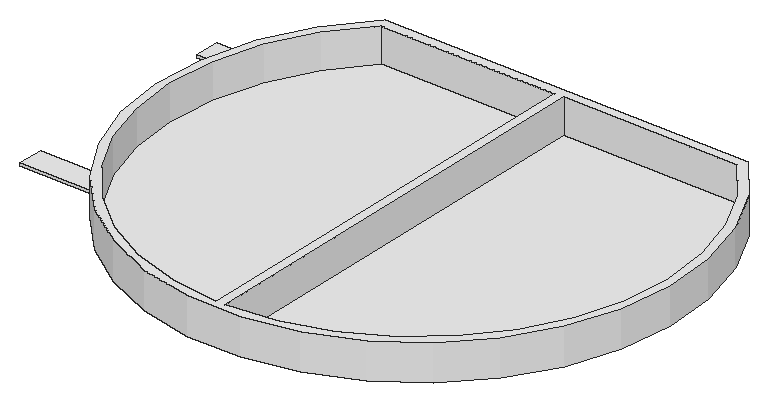
Revit family "Gate-Precision_Ladders-Security_Gate_For_Cage", category Specialty Equipment, host Face, Revit 2014
Parameters (values of type "Security Gate For Cage")
  URL = "http://www.precisionladders.com/"
  Product Page URL = "http://www.precisionladders.com/products/miscellaneous-products/"
  Product Name = "Security Gate For Cage"  # constant formula
  Product Documentation Link = "http://www.precisionladders.com/assets/pladders/files/resources/Miscellaneous/f~Security%20Gate/sg-01.pdf"
  Model = "SG-01"  # constant formula
  Material = ""
  Manufacturer = "Precision Ladders, LLC"  # constant formula
  Finish = Metal - Precision Ladders LLC - Aluminium
  Description = "Security Gate For Cage"  # constant formula
  Default Elevation = 4' - 0"
Reference planes (in)
  plane 1 "Center (Front/Back)": y = 0
  plane 2: z = 0
  plane 3 "Center (Left/Right)": x = 0
  plane 4: x = 15.375
  plane 5: x = -15.375
  plane 6: y = 12.5
  plane 7: y = -12.5
  plane 8: z = 2.125
  plane 9: z = -0.125
  plane 10: z = 0.125
Forms (in)
  Extrusion 1, solid, material "Metal - Precision Ladders LLC - Aluminium" <- "Finish"
    sketch origin (0, 0, 0) x (1, 0, 0) y (0, 1, 0)
      loop
        arc (-10.5, 12.5) -> (-13.60566, -3.3738) -> (-0.25, -12.49787) r 14.705
        line (-0.25, -12.49787) -> (-0.25, 12.5) -> (-10.5, 12.5)
      loop
        line (0.25, 12.5) -> (0.25, -12.49787)
        arc (0.25, -12.49787) -> (13.60566, -3.3738) -> (10.5, 12.5) r 14.705
        line (10.5, 12.5) -> (0.25, 12.5)
    from 0 to 0.125
  Extrusion 2, solid, material "Metal - Precision Ladders LLC - Aluminium" <- "Finish"
    sketch origin (0, 0, 0) x (1, 0, 0) y (0, 1, 0)
      loop
        arc (-10.5, 12.5) -> (-13.60566, -3.3738) -> (-0.25, -12.49787) r 14.705
        line (-0.25, -12.49787) -> (-0.25, 12.5) -> (-10.5, 12.5)
      loop
        arc (-10.70794, 13) -> (0, -13) -> (10.70794, 13) r 15.205
        line (10.70794, 13) -> (-10.70794, 13)
      loop
        line (0.25, 12.5) -> (0.25, -12.49787)
        arc (0.25, -12.49787) -> (13.60566, -3.3738) -> (10.5, 12.5) r 14.705
        line (10.5, 12.5) -> (0.25, 12.5)
    from 0 to 2.125
  Extrusion 3, solid, material "Metal - Precision Ladders LLC - Aluminium" <- "Finish"
    sketch origin (0, 0, 0) x (1, 0, 0) y (0, 1, 0)
      loop
        line (0, 9.45312) -> (-17.75, 9.45312) -> (-17.75, 7.95312) -> (0, 7.95312) -> (0, 9.45312)
      loop
        line (0, -3.54688) -> (-17.75, -3.54688) -> (-17.75, -5.04688) -> (0, -5.04688) -> (0, -3.54688)
      loop
        line (0, -1) -> (14.35148, -1)
        arc (14.35148, -1) -> (14.49806, -0.25329) -> (14.60582, 0.5) r 14.705
        line (14.60582, 0.5) -> (0, 0.5) -> (0, -1)
    from 0 to -0.125
Lines and regions (in)
  Masking region 1
    outline origin (0, 0, 0) x (1, 0, 0) y (0, 1, 0)
      loop
        line (10.70794, 13) -> (-10.70794, 13)
        arc (-10.70794, 13) -> (0, -13) -> (10.70794, 13) r 15.205
      loop
        line (-0.25, 12.5) -> (-10.5, 12.5)
        arc (-10.5, 12.5) -> (-13.60566, -3.3738) -> (-0.25, -12.49787) r 14.705
        line (-0.25, -12.49787) -> (-0.25, 12.5)
      loop
        arc (0.25, -12.49787) -> (13.60566, -3.3738) -> (10.5, 12.5) r 14.705
        line (10.5, 12.5) -> (0.25, 12.5) -> (0.25, -12.49787)
  Masking region 2
    outline origin (0, 0, 0) x (1, 0, 0) y (0, 1, 0)
      loop
        line (-17.75, 9.45312) -> (-17.75, 7.95312) -> (0, 7.95312) -> (0, 9.45312) -> (-17.75, 9.45312)
      loop
        line (0, -3.54688) -> (-17.75, -3.54688) -> (-17.75, -5.04688) -> (0, -5.04688) -> (0, -3.54688)
      loop
        line (0, 0.5) -> (0, -1) -> (14.35148, -1)
        arc (14.35148, -1) -> (14.49806, -0.25329) -> (14.60582, 0.5) r 14.705
        line (14.60582, 0.5) -> (0, 0.5)
  Masking region 3
    outline origin (0, 0, 0) x (1, 0, 0) y (0, 1, 0)
      loop
        line (-0.25, -12.49787) -> (-0.25, 12.5) -> (-10.5, 12.5)
        arc (-10.5, 12.5) -> (-13.60566, -3.3738) -> (-0.25, -12.49787) r 14.705
  Masking region 4
    outline origin (0, 0, 0) x (1, 0, 0) y (0, 1, 0)
      loop
        line (0.25, 12.5) -> (0.25, -12.49787)
        arc (0.25, -12.49787) -> (13.60566, -3.3738) -> (10.5, 12.5) r 14.705
        line (10.5, 12.5) -> (0.25, 12.5)
  model lines
    curve 1: circle (-10.25, 11.5, 0) r 0.25 normal (0, 0, -1)
    curve 2: circle (-9.25, 11.5, 0) r 0.25 normal (0, 0, -1)
    curve 3: circle (-8.25, 11.5, 0) r 0.25 normal (0, 0, -1)
    curve 4: circle (-7.25, 11.5, 0) r 0.25 normal (0, 0, -1)
    curve 5: circle (-6.25, 11.5, 0) r 0.25 normal (0, 0, -1)
    curve 6: circle (-5.25, 11.5, 0) r 0.25 normal (0, 0, -1)
    curve 7: circle (-4.25, 11.5, 0) r 0.25 normal (0, 0, -1)
    curve 8: circle (-3.25, 11.5, 0) r 0.25 normal (0, 0, -1)
    curve 9: circle (-2.25, 11.5, 0) r 0.25 normal (0, 0, -1)
    curve 10: circle (-1.25, 11.5, 0) r 0.25 normal (0, 0, -1)
    curve 11: circle (-10.25, 10.5, 0) r 0.25 normal (0, 0, -1)
    curve 12: circle (-9.25, 10.5, 0) r 0.25 normal (0, 0, -1)
    curve 13: circle (-8.25, 10.5, 0) r 0.25 normal (0, 0, -1)
    curve 14: circle (-7.25, 10.5, 0) r 0.25 normal (0, 0, -1)
    curve 15: circle (-6.25, 10.5, 0) r 0.25 normal (0, 0, -1)
    curve 16: circle (-5.25, 10.5, 0) r 0.25 normal (0, 0, -1)
    curve 17: circle (-4.25, 10.5, 0) r 0.25 normal (0, 0, -1)
    curve 18: circle (-3.25, 10.5, 0) r 0.25 normal (0, 0, -1)
    curve 19: circle (-2.25, 10.5, 0) r 0.25 normal (0, 0, -1)
    curve 20: circle (-1.25, 10.5, 0) r 0.25 normal (0, 0, -1)
    curve 21: circle (-10.25, 9.5, 0) r 0.25 normal (0, 0, -1)
    curve 22: circle (-9.25, 9.5, 0) r 0.25 normal (0, 0, -1)
    curve 23: circle (-8.25, 9.5, 0) r 0.25 normal (0, 0, -1)
    curve 24: circle (-7.25, 9.5, 0) r 0.25 normal (0, 0, -1)
    curve 25: circle (-6.25, 9.5, 0) r 0.25 normal (0, 0, -1)
    curve 26: circle (-5.25, 9.5, 0) r 0.25 normal (0, 0, -1)
    curve 27: circle (-4.25, 9.5, 0) r 0.25 normal (0, 0, -1)
    curve 28: circle (-3.25, 9.5, 0) r 0.25 normal (0, 0, -1)
    curve 29: circle (-2.25, 9.5, 0) r 0.25 normal (0, 0, -1)
    curve 30: circle (-1.25, 9.5, 0) r 0.25 normal (0, 0, -1)
    curve 31: circle (-10.25, 8.5, 0) r 0.25 normal (0, 0, -1)
    curve 32: circle (-9.25, 8.5, 0) r 0.25 normal (0, 0, -1)
    curve 33: circle (-8.25, 8.5, 0) r 0.25 normal (0, 0, -1)
    curve 34: circle (-7.25, 8.5, 0) r 0.25 normal (0, 0, -1)
    curve 35: circle (-6.25, 8.5, 0) r 0.25 normal (0, 0, -1)
    curve 36: circle (-5.25, 8.5, 0) r 0.25 normal (0, 0, -1)
    curve 37: circle (-4.25, 8.5, 0) r 0.25 normal (0, 0, -1)
    curve 38: circle (-3.25, 8.5, 0) r 0.25 normal (0, 0, -1)
    curve 39: circle (-2.25, 8.5, 0) r 0.25 normal (0, 0, -1)
    curve 40: circle (-1.25, 8.5, 0) r 0.25 normal (0, 0, -1)
    curve 41: circle (-10.25, 7.5, 0) r 0.25 normal (0, 0, -1)
    curve 42: circle (-9.25, 7.5, 0) r 0.25 normal (0, 0, -1)
    curve 43: circle (-8.25, 7.5, 0) r 0.25 normal (0, 0, -1)
    curve 44: circle (-7.25, 7.5, 0) r 0.25 normal (0, 0, -1)
    curve 45: circle (-6.25, 7.5, 0) r 0.25 normal (0, 0, -1)
    curve 46: circle (-5.25, 7.5, 0) r 0.25 normal (0, 0, -1)
    curve 47: circle (-4.25, 7.5, 0) r 0.25 normal (0, 0, -1)
    curve 48: circle (-3.25, 7.5, 0) r 0.25 normal (0, 0, -1)
    curve 49: circle (-2.25, 7.5, 0) r 0.25 normal (0, 0, -1)
    curve 50: circle (-1.25, 7.5, 0) r 0.25 normal (0, 0, -1)
    curve 51: circle (-10.25, 6.5, 0) r 0.25 normal (0, 0, -1)
    curve 52: circle (-9.25, 6.5, 0) r 0.25 normal (0, 0, -1)
    curve 53: circle (-8.25, 6.5, 0) r 0.25 normal (0, 0, -1)
    curve 54: circle (-7.25, 6.5, 0) r 0.25 normal (0, 0, -1)
    curve 55: circle (-6.25, 6.5, 0) r 0.25 normal (0, 0, -1)
    curve 56: circle (-5.25, 6.5, 0) r 0.25 normal (0, 0, -1)
    curve 57: circle (-4.25, 6.5, 0) r 0.25 normal (0, 0, -1)
    curve 58: circle (-3.25, 6.5, 0) r 0.25 normal (0, 0, -1)
    curve 59: circle (-2.25, 6.5, 0) r 0.25 normal (0, 0, -1)
    curve 60: circle (-1.25, 6.5, 0) r 0.25 normal (0, 0, -1)
    curve 61: circle (-10.25, 5.5, 0) r 0.25 normal (0, 0, -1)
    curve 62: circle (-9.25, 5.5, 0) r 0.25 normal (0, 0, -1)
    curve 63: circle (-8.25, 5.5, 0) r 0.25 normal (0, 0, -1)
    curve 64: circle (-7.25, 5.5, 0) r 0.25 normal (0, 0, -1)
    curve 65: circle (-6.25, 5.5, 0) r 0.25 normal (0, 0, -1)
    curve 66: circle (-5.25, 5.5, 0) r 0.25 normal (0, 0, -1)
    curve 67: circle (-4.25, 5.5, 0) r 0.25 normal (0, 0, -1)
    curve 68: circle (-3.25, 5.5, 0) r 0.25 normal (0, 0, -1)
    curve 69: circle (-2.25, 5.5, 0) r 0.25 normal (0, 0, -1)
    curve 70: circle (-1.25, 5.5, 0) r 0.25 normal (0, 0, -1)
    curve 71: circle (-10.25, 4.5, 0) r 0.25 normal (0, 0, -1)
    curve 72: circle (-9.25, 4.5, 0) r 0.25 normal (0, 0, -1)
    curve 73: circle (-8.25, 4.5, 0) r 0.25 normal (0, 0, -1)
    curve 74: circle (-7.25, 4.5, 0) r 0.25 normal (0, 0, -1)
    curve 75: circle (-6.25, 4.5, 0) r 0.25 normal (0, 0, -1)
    curve 76: circle (-5.25, 4.5, 0) r 0.25 normal (0, 0, -1)
    curve 77: circle (-4.25, 4.5, 0) r 0.25 normal (0, 0, -1)
    curve 78: circle (-3.25, 4.5, 0) r 0.25 normal (0, 0, -1)
    curve 79: circle (-2.25, 4.5, 0) r 0.25 normal (0, 0, -1)
    curve 80: circle (-1.25, 4.5, 0) r 0.25 normal (0, 0, -1)
    curve 81: circle (-10.25, 3.5, 0) r 0.25 normal (0, 0, -1)
    curve 82: circle (-9.25, 3.5, 0) r 0.25 normal (0, 0, -1)
    curve 83: circle (-8.25, 3.5, 0) r 0.25 normal (0, 0, -1)
    curve 84: circle (-7.25, 3.5, 0) r 0.25 normal (0, 0, -1)
    curve 85: circle (-6.25, 3.5, 0) r 0.25 normal (0, 0, -1)
    curve 86: circle (-5.25, 3.5, 0) r 0.25 normal (0, 0, -1)
    curve 87: circle (-4.25, 3.5, 0) r 0.25 normal (0, 0, -1)
    curve 88: circle (-3.25, 3.5, 0) r 0.25 normal (0, 0, -1)
    curve 89: circle (-2.25, 3.5, 0) r 0.25 normal (0, 0, -1)
    curve 90: circle (-1.25, 3.5, 0) r 0.25 normal (0, 0, -1)
    curve 91: circle (-10.25, 2.5, 0) r 0.25 normal (0, 0, -1)
    curve 92: circle (-9.25, 2.5, 0) r 0.25 normal (0, 0, -1)
    curve 93: circle (-8.25, 2.5, 0) r 0.25 normal (0, 0, -1)
    curve 94: circle (-7.25, 2.5, 0) r 0.25 normal (0, 0, -1)
    curve 95: circle (-6.25, 2.5, 0) r 0.25 normal (0, 0, -1)
    curve 96: circle (-5.25, 2.5, 0) r 0.25 normal (0, 0, -1)
    curve 97: circle (-4.25, 2.5, 0) r 0.25 normal (0, 0, -1)
    curve 98: circle (-3.25, 2.5, 0) r 0.25 normal (0, 0, -1)
    curve 99: circle (-2.25, 2.5, 0) r 0.25 normal (0, 0, -1)
    curve 100: circle (-1.25, 2.5, 0) r 0.25 normal (0, 0, -1)
    curve 101: circle (-10.25, 1.5, 0) r 0.25 normal (0, 0, -1)
    curve 102: circle (-9.25, 1.5, 0) r 0.25 normal (0, 0, -1)
    curve 103: circle (-8.25, 1.5, 0) r 0.25 normal (0, 0, -1)
    curve 104: circle (-7.25, 1.5, 0) r 0.25 normal (0, 0, -1)
    curve 105: circle (-6.25, 1.5, 0) r 0.25 normal (0, 0, -1)
    curve 106: circle (-5.25, 1.5, 0) r 0.25 normal (0, 0, -1)
    curve 107: circle (-4.25, 1.5, 0) r 0.25 normal (0, 0, -1)
    curve 108: circle (-3.25, 1.5, 0) r 0.25 normal (0, 0, -1)
    curve 109: circle (-2.25, 1.5, 0) r 0.25 normal (0, 0, -1)
    curve 110: circle (-1.25, 1.5, 0) r 0.25 normal (0, 0, -1)
    curve 111: circle (-10.25, 0.5, 0) r 0.25 normal (0, 0, -1)
    curve 112: circle (-9.25, 0.5, 0) r 0.25 normal (0, 0, -1)
    curve 113: circle (-8.25, 0.5, 0) r 0.25 normal (0, 0, -1)
    curve 114: circle (-7.25, 0.5, 0) r 0.25 normal (0, 0, -1)
    curve 115: circle (-6.25, 0.5, 0) r 0.25 normal (0, 0, -1)
    curve 116: circle (-5.25, 0.5, 0) r 0.25 normal (0, 0, -1)
    curve 117: circle (-4.25, 0.5, 0) r 0.25 normal (0, 0, -1)
    curve 118: circle (-3.25, 0.5, 0) r 0.25 normal (0, 0, -1)
    curve 119: circle (-2.25, 0.5, 0) r 0.25 normal (0, 0, -1)
    curve 120: circle (-1.25, 0.5, 0) r 0.25 normal (0, 0, -1)
    curve 121: circle (-10.25, -0.5, 0) r 0.25 normal (0, 0, -1)
    curve 122: circle (-9.25, -0.5, 0) r 0.25 normal (0, 0, -1)
    curve 123: circle (-8.25, -0.5, 0) r 0.25 normal (0, 0, -1)
    curve 124: circle (-7.25, -0.5, 0) r 0.25 normal (0, 0, -1)
    curve 125: circle (-6.25, -0.5, 0) r 0.25 normal (0, 0, -1)
    curve 126: circle (-5.25, -0.5, 0) r 0.25 normal (0, 0, -1)
    curve 127: circle (-4.25, -0.5, 0) r 0.25 normal (0, 0, -1)
    curve 128: circle (-3.25, -0.5, 0) r 0.25 normal (0, 0, -1)
    curve 129: circle (-2.25, -0.5, 0) r 0.25 normal (0, 0, -1)
    curve 130: circle (-1.25, -0.5, 0) r 0.25 normal (0, 0, -1)
    curve 131: circle (-10.25, -1.5, 0) r 0.25 normal (0, 0, -1)
    curve 132: circle (-9.25, -1.5, 0) r 0.25 normal (0, 0, -1)
    curve 133: circle (-8.25, -1.5, 0) r 0.25 normal (0, 0, -1)
    curve 134: circle (-7.25, -1.5, 0) r 0.25 normal (0, 0, -1)
    curve 135: circle (-6.25, -1.5, 0) r 0.25 normal (0, 0, -1)
    curve 136: circle (-5.25, -1.5, 0) r 0.25 normal (0, 0, -1)
    curve 137: circle (-4.25, -1.5, 0) r 0.25 normal (0, 0, -1)
    curve 138: circle (-3.25, -1.5, 0) r 0.25 normal (0, 0, -1)
    curve 139: circle (-2.25, -1.5, 0) r 0.25 normal (0, 0, -1)
    curve 140: circle (-1.25, -1.5, 0) r 0.25 normal (0, 0, -1)
    curve 141: circle (-10.25, -2.5, 0) r 0.25 normal (0, 0, -1)
    curve 142: circle (-9.25, -2.5, 0) r 0.25 normal (0, 0, -1)
    curve 143: circle (-8.25, -2.5, 0) r 0.25 normal (0, 0, -1)
    curve 144: circle (-7.25, -2.5, 0) r 0.25 normal (0, 0, -1)
    curve 145: circle (-6.25, -2.5, 0) r 0.25 normal (0, 0, -1)
    curve 146: circle (-5.25, -2.5, 0) r 0.25 normal (0, 0, -1)
    curve 147: circle (-4.25, -2.5, 0) r 0.25 normal (0, 0, -1)
    curve 148: circle (-3.25, -2.5, 0) r 0.25 normal (0, 0, -1)
    curve 149: circle (-2.25, -2.5, 0) r 0.25 normal (0, 0, -1)
    curve 150: circle (-1.25, -2.5, 0) r 0.25 normal (0, 0, -1)
    curve 151: circle (-10.25, -3.5, 0) r 0.25 normal (0, 0, -1)
    curve 152: circle (-9.25, -3.5, 0) r 0.25 normal (0, 0, -1)
    curve 153: circle (-8.25, -3.5, 0) r 0.25 normal (0, 0, -1)
    curve 154: circle (-7.25, -3.5, 0) r 0.25 normal (0, 0, -1)
    curve 155: circle (-6.25, -3.5, 0) r 0.25 normal (0, 0, -1)
    curve 156: circle (-5.25, -3.5, 0) r 0.25 normal (0, 0, -1)
    curve 157: circle (-4.25, -3.5, 0) r 0.25 normal (0, 0, -1)
    curve 158: circle (-3.25, -3.5, 0) r 0.25 normal (0, 0, -1)
    curve 159: circle (-2.25, -3.5, 0) r 0.25 normal (0, 0, -1)
    curve 160: circle (-1.25, -3.5, 0) r 0.25 normal (0, 0, -1)
    curve 161: circle (-10.25, -4.5, 0) r 0.25 normal (0, 0, -1)
    curve 162: circle (-9.25, -4.5, 0) r 0.25 normal (0, 0, -1)
    curve 163: circle (-8.25, -4.5, 0) r 0.25 normal (0, 0, -1)
    curve 164: circle (-7.25, -4.5, 0) r 0.25 normal (0, 0, -1)
    curve 165: circle (-6.25, -4.5, 0) r 0.25 normal (0, 0, -1)
    curve 166: circle (-5.25, -4.5, 0) r 0.25 normal (0, 0, -1)
    curve 167: circle (-4.25, -4.5, 0) r 0.25 normal (0, 0, -1)
    curve 168: circle (-3.25, -4.5, 0) r 0.25 normal (0, 0, -1)
    curve 169: circle (-2.25, -4.5, 0) r 0.25 normal (0, 0, -1)
    curve 170: circle (-1.25, -4.5, 0) r 0.25 normal (0, 0, -1)
    curve 171: circle (-10.25, -5.5, 0) r 0.25 normal (0, 0, -1)
    curve 172: circle (-9.25, -5.5, 0) r 0.25 normal (0, 0, -1)
    curve 173: circle (-8.25, -5.5, 0) r 0.25 normal (0, 0, -1)
    curve 174: circle (-7.25, -5.5, 0) r 0.25 normal (0, 0, -1)
    curve 175: circle (-6.25, -5.5, 0) r 0.25 normal (0, 0, -1)
    curve 176: circle (-5.25, -5.5, 0) r 0.25 normal (0, 0, -1)
    curve 177: circle (-4.25, -5.5, 0) r 0.25 normal (0, 0, -1)
    curve 178: circle (-3.25, -5.5, 0) r 0.25 normal (0, 0, -1)
    curve 179: circle (-2.25, -5.5, 0) r 0.25 normal (0, 0, -1)
    curve 180: circle (-1.25, -5.5, 0) r 0.25 normal (0, 0, -1)
    curve 181: circle (-10.25, -6.5, 0) r 0.25 normal (0, 0, -1)
    curve 182: circle (-9.25, -6.5, 0) r 0.25 normal (0, 0, -1)
    curve 183: circle (-8.25, -6.5, 0) r 0.25 normal (0, 0, -1)
    curve 184: circle (-7.25, -6.5, 0) r 0.25 normal (0, 0, -1)
    curve 185: circle (-6.25, -6.5, 0) r 0.25 normal (0, 0, -1)
    curve 186: circle (-5.25, -6.5, 0) r 0.25 normal (0, 0, -1)
    curve 187: circle (-4.25, -6.5, 0) r 0.25 normal (0, 0, -1)
    curve 188: circle (-3.25, -6.5, 0) r 0.25 normal (0, 0, -1)
    curve 189: circle (-2.25, -6.5, 0) r 0.25 normal (0, 0, -1)
    curve 190: circle (-1.25, -6.5, 0) r 0.25 normal (0, 0, -1)
    curve 191: circle (-10.25, -7.5, 0) r 0.25 normal (0, 0, -1)
    curve 192: circle (-9.25, -7.5, 0) r 0.25 normal (0, 0, -1)
    curve 193: circle (-8.25, -7.5, 0) r 0.25 normal (0, 0, -1)
    curve 194: circle (-7.25, -7.5, 0) r 0.25 normal (0, 0, -1)
    curve 195: circle (-6.25, -7.5, 0) r 0.25 normal (0, 0, -1)
    curve 196: circle (-5.25, -7.5, 0) r 0.25 normal (0, 0, -1)
    curve 197: circle (-4.25, -7.5, 0) r 0.25 normal (0, 0, -1)
    curve 198: circle (-3.25, -7.5, 0) r 0.25 normal (0, 0, -1)
    curve 199: circle (-2.25, -7.5, 0) r 0.25 normal (0, 0, -1)
    curve 200: circle (-1.25, -7.5, 0) r 0.25 normal (0, 0, -1)
    curve 201: circle (-9.25, -8.5, 0) r 0.25 normal (0, 0, -1)
    curve 202: circle (-8.25, -8.5, 0) r 0.25 normal (0, 0, -1)
    curve 203: circle (-7.25, -8.5, 0) r 0.25 normal (0, 0, -1)
    curve 204: circle (-6.25, -8.5, 0) r 0.25 normal (0, 0, -1)
    curve 205: circle (-5.25, -8.5, 0) r 0.25 normal (0, 0, -1)
    curve 206: circle (-4.25, -8.5, 0) r 0.25 normal (0, 0, -1)
    curve 207: circle (-3.25, -8.5, 0) r 0.25 normal (0, 0, -1)
    curve 208: circle (-2.25, -8.5, 0) r 0.25 normal (0, 0, -1)
    curve 209: circle (-1.25, -8.5, 0) r 0.25 normal (0, 0, -1)
    curve 210: circle (-7.25, -9.5, 0) r 0.25 normal (0, 0, -1)
    curve 211: circle (-6.25, -9.5, 0) r 0.25 normal (0, 0, -1)
    curve 212: circle (-5.25, -9.5, 0) r 0.25 normal (0, 0, -1)
    curve 213: circle (-4.25, -9.5, 0) r 0.25 normal (0, 0, -1)
    curve 214: circle (-3.25, -9.5, 0) r 0.25 normal (0, 0, -1)
    curve 215: circle (-2.25, -9.5, 0) r 0.25 normal (0, 0, -1)
    curve 216: circle (-1.25, -9.5, 0) r 0.25 normal (0, 0, -1)
    curve 217: circle (-6.25, -10.5, 0) r 0.25 normal (0, 0, -1)
    curve 218: circle (-5.25, -10.5, 0) r 0.25 normal (0, 0, -1)
    curve 219: circle (-4.25, -10.5, 0) r 0.25 normal (0, 0, -1)
    curve 220: circle (-3.25, -10.5, 0) r 0.25 normal (0, 0, -1)
    curve 221: circle (-2.25, -10.5, 0) r 0.25 normal (0, 0, -1)
    curve 222: circle (-1.25, -10.5, 0) r 0.25 normal (0, 0, -1)
    curve 223: circle (-4.25, -11.5, 0) r 0.25 normal (0, 0, -1)
    curve 224: circle (-3.25, -11.5, 0) r 0.25 normal (0, 0, -1)
    curve 225: circle (-2.25, -11.5, 0) r 0.25 normal (0, 0, -1)
    curve 226: circle (-1.25, -11.5, 0) r 0.25 normal (0, 0, -1)
    curve 227: circle (-11.25, 10.5, 0) r 0.25 normal (0, 0, -1)
    curve 228: circle (-12.25, 9.5, 0) r 0.25 normal (0, 0, -1)
    curve 229: circle (-11.25, 9.5, 0) r 0.25 normal (0, 0, -1)
    curve 230: circle (-12.25, 8.5, 0) r 0.25 normal (0, 0, -1)
    curve 231: circle (-11.25, 8.5, 0) r 0.25 normal (0, 0, -1)
    curve 232: circle (-13.25, 7.5, 0) r 0.25 normal (0, 0, -1)
    curve 233: circle (-12.25, 7.5, 0) r 0.25 normal (0, 0, -1)
    curve 234: circle (-11.25, 7.5, 0) r 0.25 normal (0, 0, -1)
    curve 235: circle (-13.25, 6.5, 0) r 0.25 normal (0, 0, -1)
    curve 236: circle (-12.25, 6.5, 0) r 0.25 normal (0, 0, -1)
    curve 237: circle (-11.25, 6.5, 0) r 0.25 normal (0, 0, -1)
    curve 238: circle (-13.25, 5.5, 0) r 0.25 normal (0, 0, -1)
    curve 239: circle (-12.25, 5.5, 0) r 0.25 normal (0, 0, -1)
    curve 240: circle (-11.25, 5.5, 0) r 0.25 normal (0, 0, -1)
    curve 241: circle (-13.25, 4.5, 0) r 0.25 normal (0, 0, -1)
    curve 242: circle (-12.25, 4.5, 0) r 0.25 normal (0, 0, -1)
    curve 243: circle (-11.25, 4.5, 0) r 0.25 normal (0, 0, -1)
    curve 244: circle (-13.25, 3.5, 0) r 0.25 normal (0, 0, -1)
    curve 245: circle (-12.25, 3.5, 0) r 0.25 normal (0, 0, -1)
    curve 246: circle (-11.25, 3.5, 0) r 0.25 normal (0, 0, -1)
    curve 247: circle (-13.25, 2.5, 0) r 0.25 normal (0, 0, -1)
    curve 248: circle (-12.25, 2.5, 0) r 0.25 normal (0, 0, -1)
    curve 249: circle (-11.25, 2.5, 0) r 0.25 normal (0, 0, -1)
    curve 250: circle (-13.25, 1.5, 0) r 0.25 normal (0, 0, -1)
    curve 251: circle (-12.25, 1.5, 0) r 0.25 normal (0, 0, -1)
    curve 252: circle (-11.25, 1.5, 0) r 0.25 normal (0, 0, -1)
    curve 253: circle (-13.25, 0.5, 0) r 0.25 normal (0, 0, -1)
    curve 254: circle (-12.25, 0.5, 0) r 0.25 normal (0, 0, -1)
    curve 255: circle (-11.25, 0.5, 0) r 0.25 normal (0, 0, -1)
    curve 256: circle (-13.25, -0.5, 0) r 0.25 normal (0, 0, -1)
    curve 257: circle (-12.25, -0.5, 0) r 0.25 normal (0, 0, -1)
    curve 258: circle (-11.25, -0.5, 0) r 0.25 normal (0, 0, -1)
    curve 259: circle (-13.25, -1.5, 0) r 0.25 normal (0, 0, -1)
    curve 260: circle (-12.25, -1.5, 0) r 0.25 normal (0, 0, -1)
    curve 261: circle (-11.25, -1.5, 0) r 0.25 normal (0, 0, -1)
    curve 262: circle (-13.25, -2.5, 0) r 0.25 normal (0, 0, -1)
    curve 263: circle (-12.25, -2.5, 0) r 0.25 normal (0, 0, -1)
    curve 264: circle (-11.25, -2.5, 0) r 0.25 normal (0, 0, -1)
    curve 265: circle (-12.25, -3.5, 0) r 0.25 normal (0, 0, -1)
    curve 266: circle (-11.25, -3.5, 0) r 0.25 normal (0, 0, -1)
    curve 267: circle (-12.25, -4.5, 0) r 0.25 normal (0, 0, -1)
    curve 268: circle (-11.25, -4.5, 0) r 0.25 normal (0, 0, -1)
    curve 269: circle (-11.25, -5.5, 0) r 0.25 normal (0, 0, -1)
    curve 270: circle (-11.25, -6.5, 0) r 0.25 normal (0, 0, -1)
    curve 271: circle (-14.25, 3.5, 0) r 0.25 normal (0, 0, -1)
    curve 272: circle (-14.25, 2.5, 0) r 0.25 normal (0, 0, -1)
    curve 273: circle (-14.25, 1.5, 0) r 0.25 normal (0, 0, -1)
    curve 274: circle (-14.25, 0.5, 0) r 0.25 normal (0, 0, -1)
    curve 275: circle (10.25, 11.5, 0) r 0.25 normal (0, 0, 1)
    curve 276: circle (9.25, 11.5, 0) r 0.25 normal (0, 0, 1)
    curve 277: circle (8.25, 11.5, 0) r 0.25 normal (0, 0, 1)
    curve 278: circle (7.25, 11.5, 0) r 0.25 normal (0, 0, 1)
    curve 279: circle (6.25, 11.5, 0) r 0.25 normal (0, 0, 1)
    curve 280: circle (5.25, 11.5, 0) r 0.25 normal (0, 0, 1)
    curve 281: circle (4.25, 11.5, 0) r 0.25 normal (0, 0, 1)
    curve 282: circle (3.25, 11.5, 0) r 0.25 normal (0, 0, 1)
    curve 283: circle (2.25, 11.5, 0) r 0.25 normal (0, 0, 1)
    curve 284: circle (1.25, 11.5, 0) r 0.25 normal (0, 0, 1)
    curve 285: circle (10.25, 10.5, 0) r 0.25 normal (0, 0, 1)
    curve 286: circle (9.25, 10.5, 0) r 0.25 normal (0, 0, 1)
    curve 287: circle (8.25, 10.5, 0) r 0.25 normal (0, 0, 1)
    curve 288: circle (7.25, 10.5, 0) r 0.25 normal (0, 0, 1)
    curve 289: circle (6.25, 10.5, 0) r 0.25 normal (0, 0, 1)
    curve 290: circle (5.25, 10.5, 0) r 0.25 normal (0, 0, 1)
    curve 291: circle (4.25, 10.5, 0) r 0.25 normal (0, 0, 1)
    curve 292: circle (3.25, 10.5, 0) r 0.25 normal (0, 0, 1)
    curve 293: circle (2.25, 10.5, 0) r 0.25 normal (0, 0, 1)
    curve 294: circle (1.25, 10.5, 0) r 0.25 normal (0, 0, 1)
    curve 295: circle (10.25, 9.5, 0) r 0.25 normal (0, 0, 1)
    curve 296: circle (9.25, 9.5, 0) r 0.25 normal (0, 0, 1)
    curve 297: circle (8.25, 9.5, 0) r 0.25 normal (0, 0, 1)
    curve 298: circle (7.25, 9.5, 0) r 0.25 normal (0, 0, 1)
    curve 299: circle (6.25, 9.5, 0) r 0.25 normal (0, 0, 1)
    curve 300: circle (5.25, 9.5, 0) r 0.25 normal (0, 0, 1)
    curve 301: circle (4.25, 9.5, 0) r 0.25 normal (0, 0, 1)
    curve 302: circle (3.25, 9.5, 0) r 0.25 normal (0, 0, 1)
    curve 303: circle (2.25, 9.5, 0) r 0.25 normal (0, 0, 1)
    curve 304: circle (1.25, 9.5, 0) r 0.25 normal (0, 0, 1)
    curve 305: circle (10.25, 8.5, 0) r 0.25 normal (0, 0, 1)
    curve 306: circle (9.25, 8.5, 0) r 0.25 normal (0, 0, 1)
    curve 307: circle (8.25, 8.5, 0) r 0.25 normal (0, 0, 1)
    curve 308: circle (7.25, 8.5, 0) r 0.25 normal (0, 0, 1)
    curve 309: circle (6.25, 8.5, 0) r 0.25 normal (0, 0, 1)
    curve 310: circle (5.25, 8.5, 0) r 0.25 normal (0, 0, 1)
    curve 311: circle (4.25, 8.5, 0) r 0.25 normal (0, 0, 1)
    curve 312: circle (3.25, 8.5, 0) r 0.25 normal (0, 0, 1)
    curve 313: circle (2.25, 8.5, 0) r 0.25 normal (0, 0, 1)
    curve 314: circle (1.25, 8.5, 0) r 0.25 normal (0, 0, 1)
    curve 315: circle (10.25, 7.5, 0) r 0.25 normal (0, 0, 1)
    curve 316: circle (9.25, 7.5, 0) r 0.25 normal (0, 0, 1)
    curve 317: circle (8.25, 7.5, 0) r 0.25 normal (0, 0, 1)
    curve 318: circle (7.25, 7.5, 0) r 0.25 normal (0, 0, 1)
    curve 319: circle (6.25, 7.5, 0) r 0.25 normal (0, 0, 1)
    curve 320: circle (5.25, 7.5, 0) r 0.25 normal (0, 0, 1)
    curve 321: circle (4.25, 7.5, 0) r 0.25 normal (0, 0, 1)
    curve 322: circle (3.25, 7.5, 0) r 0.25 normal (0, 0, 1)
    curve 323: circle (2.25, 7.5, 0) r 0.25 normal (0, 0, 1)
    curve 324: circle (1.25, 7.5, 0) r 0.25 normal (0, 0, 1)
    curve 325: circle (10.25, 6.5, 0) r 0.25 normal (0, 0, 1)
    curve 326: circle (9.25, 6.5, 0) r 0.25 normal (0, 0, 1)
    curve 327: circle (8.25, 6.5, 0) r 0.25 normal (0, 0, 1)
    curve 328: circle (7.25, 6.5, 0) r 0.25 normal (0, 0, 1)
    curve 329: circle (6.25, 6.5, 0) r 0.25 normal (0, 0, 1)
    curve 330: circle (5.25, 6.5, 0) r 0.25 normal (0, 0, 1)
    curve 331: circle (4.25, 6.5, 0) r 0.25 normal (0, 0, 1)
    curve 332: circle (3.25, 6.5, 0) r 0.25 normal (0, 0, 1)
    curve 333: circle (2.25, 6.5, 0) r 0.25 normal (0, 0, 1)
    curve 334: circle (1.25, 6.5, 0) r 0.25 normal (0, 0, 1)
    curve 335: circle (10.25, 5.5, 0) r 0.25 normal (0, 0, 1)
    curve 336: circle (9.25, 5.5, 0) r 0.25 normal (0, 0, 1)
    curve 337: circle (8.25, 5.5, 0) r 0.25 normal (0, 0, 1)
    curve 338: circle (7.25, 5.5, 0) r 0.25 normal (0, 0, 1)
    curve 339: circle (6.25, 5.5, 0) r 0.25 normal (0, 0, 1)
    curve 340: circle (5.25, 5.5, 0) r 0.25 normal (0, 0, 1)
    curve 341: circle (4.25, 5.5, 0) r 0.25 normal (0, 0, 1)
    curve 342: circle (3.25, 5.5, 0) r 0.25 normal (0, 0, 1)
    curve 343: circle (2.25, 5.5, 0) r 0.25 normal (0, 0, 1)
    curve 344: circle (1.25, 5.5, 0) r 0.25 normal (0, 0, 1)
    curve 345: circle (10.25, 4.5, 0) r 0.25 normal (0, 0, 1)
    curve 346: circle (9.25, 4.5, 0) r 0.25 normal (0, 0, 1)
    curve 347: circle (8.25, 4.5, 0) r 0.25 normal (0, 0, 1)
    curve 348: circle (7.25, 4.5, 0) r 0.25 normal (0, 0, 1)
    curve 349: circle (6.25, 4.5, 0) r 0.25 normal (0, 0, 1)
    curve 350: circle (5.25, 4.5, 0) r 0.25 normal (0, 0, 1)
    curve 351: circle (4.25, 4.5, 0) r 0.25 normal (0, 0, 1)
    curve 352: circle (3.25, 4.5, 0) r 0.25 normal (0, 0, 1)
    curve 353: circle (2.25, 4.5, 0) r 0.25 normal (0, 0, 1)
    curve 354: circle (1.25, 4.5, 0) r 0.25 normal (0, 0, 1)
    curve 355: circle (10.25, 3.5, 0) r 0.25 normal (0, 0, 1)
    curve 356: circle (9.25, 3.5, 0) r 0.25 normal (0, 0, 1)
    curve 357: circle (8.25, 3.5, 0) r 0.25 normal (0, 0, 1)
    curve 358: circle (7.25, 3.5, 0) r 0.25 normal (0, 0, 1)
    curve 359: circle (6.25, 3.5, 0) r 0.25 normal (0, 0, 1)
    curve 360: circle (5.25, 3.5, 0) r 0.25 normal (0, 0, 1)
    curve 361: circle (4.25, 3.5, 0) r 0.25 normal (0, 0, 1)
    curve 362: circle (3.25, 3.5, 0) r 0.25 normal (0, 0, 1)
    curve 363: circle (2.25, 3.5, 0) r 0.25 normal (0, 0, 1)
    curve 364: circle (1.25, 3.5, 0) r 0.25 normal (0, 0, 1)
    curve 365: circle (10.25, 2.5, 0) r 0.25 normal (0, 0, 1)
    curve 366: circle (9.25, 2.5, 0) r 0.25 normal (0, 0, 1)
    curve 367: circle (8.25, 2.5, 0) r 0.25 normal (0, 0, 1)
    curve 368: circle (7.25, 2.5, 0) r 0.25 normal (0, 0, 1)
    curve 369: circle (6.25, 2.5, 0) r 0.25 normal (0, 0, 1)
    curve 370: circle (5.25, 2.5, 0) r 0.25 normal (0, 0, 1)
    curve 371: circle (4.25, 2.5, 0) r 0.25 normal (0, 0, 1)
    curve 372: circle (3.25, 2.5, 0) r 0.25 normal (0, 0, 1)
    curve 373: circle (2.25, 2.5, 0) r 0.25 normal (0, 0, 1)
    curve 374: circle (1.25, 2.5, 0) r 0.25 normal (0, 0, 1)
    curve 375: circle (10.25, 1.5, 0) r 0.25 normal (0, 0, 1)
    curve 376: circle (9.25, 1.5, 0) r 0.25 normal (0, 0, 1)
    curve 377: circle (8.25, 1.5, 0) r 0.25 normal (0, 0, 1)
    curve 378: circle (7.25, 1.5, 0) r 0.25 normal (0, 0, 1)
    curve 379: circle (6.25, 1.5, 0) r 0.25 normal (0, 0, 1)
    curve 380: circle (5.25, 1.5, 0) r 0.25 normal (0, 0, 1)
    curve 381: circle (4.25, 1.5, 0) r 0.25 normal (0, 0, 1)
    curve 382: circle (3.25, 1.5, 0) r 0.25 normal (0, 0, 1)
    curve 383: circle (2.25, 1.5, 0) r 0.25 normal (0, 0, 1)
    curve 384: circle (1.25, 1.5, 0) r 0.25 normal (0, 0, 1)
    curve 385: circle (10.25, 0.5, 0) r 0.25 normal (0, 0, 1)
    curve 386: circle (9.25, 0.5, 0) r 0.25 normal (0, 0, 1)
    curve 387: circle (8.25, 0.5, 0) r 0.25 normal (0, 0, 1)
    curve 388: circle (7.25, 0.5, 0) r 0.25 normal (0, 0, 1)
    curve 389: circle (6.25, 0.5, 0) r 0.25 normal (0, 0, 1)
    curve 390: circle (5.25, 0.5, 0) r 0.25 normal (0, 0, 1)
    curve 391: circle (4.25, 0.5, 0) r 0.25 normal (0, 0, 1)
    curve 392: circle (3.25, 0.5, 0) r 0.25 normal (0, 0, 1)
    curve 393: circle (2.25, 0.5, 0) r 0.25 normal (0, 0, 1)
    curve 394: circle (1.25, 0.5, 0) r 0.25 normal (0, 0, 1)
    curve 395: circle (10.25, -0.5, 0) r 0.25 normal (0, 0, 1)
    curve 396: circle (9.25, -0.5, 0) r 0.25 normal (0, 0, 1)
    curve 397: circle (8.25, -0.5, 0) r 0.25 normal (0, 0, 1)
    curve 398: circle (7.25, -0.5, 0) r 0.25 normal (0, 0, 1)
    curve 399: circle (6.25, -0.5, 0) r 0.25 normal (0, 0, 1)
    curve 400: circle (5.25, -0.5, 0) r 0.25 normal (0, 0, 1)
    curve 401: circle (4.25, -0.5, 0) r 0.25 normal (0, 0, 1)
    curve 402: circle (3.25, -0.5, 0) r 0.25 normal (0, 0, 1)
    curve 403: circle (2.25, -0.5, 0) r 0.25 normal (0, 0, 1)
    curve 404: circle (1.25, -0.5, 0) r 0.25 normal (0, 0, 1)
    curve 405: circle (10.25, -1.5, 0) r 0.25 normal (0, 0, 1)
    curve 406: circle (9.25, -1.5, 0) r 0.25 normal (0, 0, 1)
    curve 407: circle (8.25, -1.5, 0) r 0.25 normal (0, 0, 1)
    curve 408: circle (7.25, -1.5, 0) r 0.25 normal (0, 0, 1)
    curve 409: circle (6.25, -1.5, 0) r 0.25 normal (0, 0, 1)
    curve 410: circle (5.25, -1.5, 0) r 0.25 normal (0, 0, 1)
    curve 411: circle (4.25, -1.5, 0) r 0.25 normal (0, 0, 1)
    curve 412: circle (3.25, -1.5, 0) r 0.25 normal (0, 0, 1)
    curve 413: circle (2.25, -1.5, 0) r 0.25 normal (0, 0, 1)
    curve 414: circle (1.25, -1.5, 0) r 0.25 normal (0, 0, 1)
    curve 415: circle (10.25, -2.5, 0) r 0.25 normal (0, 0, 1)
    curve 416: circle (9.25, -2.5, 0) r 0.25 normal (0, 0, 1)
    curve 417: circle (8.25, -2.5, 0) r 0.25 normal (0, 0, 1)
    curve 418: circle (7.25, -2.5, 0) r 0.25 normal (0, 0, 1)
    curve 419: circle (6.25, -2.5, 0) r 0.25 normal (0, 0, 1)
    curve 420: circle (5.25, -2.5, 0) r 0.25 normal (0, 0, 1)
    curve 421: circle (4.25, -2.5, 0) r 0.25 normal (0, 0, 1)
    curve 422: circle (3.25, -2.5, 0) r 0.25 normal (0, 0, 1)
    curve 423: circle (2.25, -2.5, 0) r 0.25 normal (0, 0, 1)
    curve 424: circle (1.25, -2.5, 0) r 0.25 normal (0, 0, 1)
    curve 425: circle (10.25, -3.5, 0) r 0.25 normal (0, 0, 1)
    curve 426: circle (9.25, -3.5, 0) r 0.25 normal (0, 0, 1)
    curve 427: circle (8.25, -3.5, 0) r 0.25 normal (0, 0, 1)
    curve 428: circle (7.25, -3.5, 0) r 0.25 normal (0, 0, 1)
    curve 429: circle (6.25, -3.5, 0) r 0.25 normal (0, 0, 1)
    curve 430: circle (5.25, -3.5, 0) r 0.25 normal (0, 0, 1)
    curve 431: circle (4.25, -3.5, 0) r 0.25 normal (0, 0, 1)
    curve 432: circle (3.25, -3.5, 0) r 0.25 normal (0, 0, 1)
    curve 433: circle (2.25, -3.5, 0) r 0.25 normal (0, 0, 1)
    curve 434: circle (1.25, -3.5, 0) r 0.25 normal (0, 0, 1)
    curve 435: circle (10.25, -4.5, 0) r 0.25 normal (0, 0, 1)
    curve 436: circle (9.25, -4.5, 0) r 0.25 normal (0, 0, 1)
    curve 437: circle (8.25, -4.5, 0) r 0.25 normal (0, 0, 1)
    curve 438: circle (7.25, -4.5, 0) r 0.25 normal (0, 0, 1)
    curve 439: circle (6.25, -4.5, 0) r 0.25 normal (0, 0, 1)
    curve 440: circle (5.25, -4.5, 0) r 0.25 normal (0, 0, 1)
    curve 441: circle (4.25, -4.5, 0) r 0.25 normal (0, 0, 1)
    curve 442: circle (3.25, -4.5, 0) r 0.25 normal (0, 0, 1)
    curve 443: circle (2.25, -4.5, 0) r 0.25 normal (0, 0, 1)
    curve 444: circle (1.25, -4.5, 0) r 0.25 normal (0, 0, 1)
    curve 445: circle (10.25, -5.5, 0) r 0.25 normal (0, 0, 1)
    curve 446: circle (9.25, -5.5, 0) r 0.25 normal (0, 0, 1)
    curve 447: circle (8.25, -5.5, 0) r 0.25 normal (0, 0, 1)
    curve 448: circle (7.25, -5.5, 0) r 0.25 normal (0, 0, 1)
    curve 449: circle (6.25, -5.5, 0) r 0.25 normal (0, 0, 1)
    curve 450: circle (5.25, -5.5, 0) r 0.25 normal (0, 0, 1)
    curve 451: circle (4.25, -5.5, 0) r 0.25 normal (0, 0, 1)
    curve 452: circle (3.25, -5.5, 0) r 0.25 normal (0, 0, 1)
    curve 453: circle (2.25, -5.5, 0) r 0.25 normal (0, 0, 1)
    curve 454: circle (1.25, -5.5, 0) r 0.25 normal (0, 0, 1)
    curve 455: circle (10.25, -6.5, 0) r 0.25 normal (0, 0, 1)
    curve 456: circle (9.25, -6.5, 0) r 0.25 normal (0, 0, 1)
    curve 457: circle (8.25, -6.5, 0) r 0.25 normal (0, 0, 1)
    curve 458: circle (7.25, -6.5, 0) r 0.25 normal (0, 0, 1)
    curve 459: circle (6.25, -6.5, 0) r 0.25 normal (0, 0, 1)
    curve 460: circle (5.25, -6.5, 0) r 0.25 normal (0, 0, 1)
    curve 461: circle (4.25, -6.5, 0) r 0.25 normal (0, 0, 1)
    curve 462: circle (3.25, -6.5, 0) r 0.25 normal (0, 0, 1)
    curve 463: circle (2.25, -6.5, 0) r 0.25 normal (0, 0, 1)
    curve 464: circle (1.25, -6.5, 0) r 0.25 normal (0, 0, 1)
    curve 465: circle (10.25, -7.5, 0) r 0.25 normal (0, 0, 1)
    curve 466: circle (9.25, -7.5, 0) r 0.25 normal (0, 0, 1)
    curve 467: circle (8.25, -7.5, 0) r 0.25 normal (0, 0, 1)
    curve 468: circle (7.25, -7.5, 0) r 0.25 normal (0, 0, 1)
    curve 469: circle (6.25, -7.5, 0) r 0.25 normal (0, 0, 1)
    curve 470: circle (5.25, -7.5, 0) r 0.25 normal (0, 0, 1)
    curve 471: circle (4.25, -7.5, 0) r 0.25 normal (0, 0, 1)
    curve 472: circle (3.25, -7.5, 0) r 0.25 normal (0, 0, 1)
    curve 473: circle (2.25, -7.5, 0) r 0.25 normal (0, 0, 1)
    curve 474: circle (1.25, -7.5, 0) r 0.25 normal (0, 0, 1)
    curve 475: circle (9.25, -8.5, 0) r 0.25 normal (0, 0, 1)
    curve 476: circle (8.25, -8.5, 0) r 0.25 normal (0, 0, 1)
    curve 477: circle (7.25, -8.5, 0) r 0.25 normal (0, 0, 1)
    curve 478: circle (6.25, -8.5, 0) r 0.25 normal (0, 0, 1)
    curve 479: circle (5.25, -8.5, 0) r 0.25 normal (0, 0, 1)
    curve 480: circle (4.25, -8.5, 0) r 0.25 normal (0, 0, 1)
    curve 481: circle (3.25, -8.5, 0) r 0.25 normal (0, 0, 1)
    curve 482: circle (2.25, -8.5, 0) r 0.25 normal (0, 0, 1)
    curve 483: circle (1.25, -8.5, 0) r 0.25 normal (0, 0, 1)
    curve 484: circle (7.25, -9.5, 0) r 0.25 normal (0, 0, 1)
    curve 485: circle (6.25, -9.5, 0) r 0.25 normal (0, 0, 1)
    curve 486: circle (5.25, -9.5, 0) r 0.25 normal (0, 0, 1)
    curve 487: circle (4.25, -9.5, 0) r 0.25 normal (0, 0, 1)
    curve 488: circle (3.25, -9.5, 0) r 0.25 normal (0, 0, 1)
    curve 489: circle (2.25, -9.5, 0) r 0.25 normal (0, 0, 1)
    curve 490: circle (1.25, -9.5, 0) r 0.25 normal (0, 0, 1)
    curve 491: circle (6.25, -10.5, 0) r 0.25 normal (0, 0, 1)
    curve 492: circle (5.25, -10.5, 0) r 0.25 normal (0, 0, 1)
    curve 493: circle (4.25, -10.5, 0) r 0.25 normal (0, 0, 1)
    curve 494: circle (3.25, -10.5, 0) r 0.25 normal (0, 0, 1)
    curve 495: circle (2.25, -10.5, 0) r 0.25 normal (0, 0, 1)
    curve 496: circle (1.25, -10.5, 0) r 0.25 normal (0, 0, 1)
    curve 497: circle (4.25, -11.5, 0) r 0.25 normal (0, 0, 1)
    curve 498: circle (3.25, -11.5, 0) r 0.25 normal (0, 0, 1)
    curve 499: circle (2.25, -11.5, 0) r 0.25 normal (0, 0, 1)
    curve 500: circle (1.25, -11.5, 0) r 0.25 normal (0, 0, 1)
    curve 501: circle (11.25, 10.5, 0) r 0.25 normal (0, 0, 1)
    curve 502: circle (12.25, 9.5, 0) r 0.25 normal (0, 0, 1)
    curve 503: circle (11.25, 9.5, 0) r 0.25 normal (0, 0, 1)
    curve 504: circle (12.25, 8.5, 0) r 0.25 normal (0, 0, 1)
    curve 505: circle (11.25, 8.5, 0) r 0.25 normal (0, 0, 1)
    curve 506: circle (13.25, 7.5, 0) r 0.25 normal (0, 0, 1)
    curve 507: circle (12.25, 7.5, 0) r 0.25 normal (0, 0, 1)
    curve 508: circle (11.25, 7.5, 0) r 0.25 normal (0, 0, 1)
    curve 509: circle (13.25, 6.5, 0) r 0.25 normal (0, 0, 1)
    curve 510: circle (12.25, 6.5, 0) r 0.25 normal (0, 0, 1)
    curve 511: circle (11.25, 6.5, 0) r 0.25 normal (0, 0, 1)
    curve 512: circle (13.25, 5.5, 0) r 0.25 normal (0, 0, 1)
    curve 513: circle (12.25, 5.5, 0) r 0.25 normal (0, 0, 1)
    curve 514: circle (11.25, 5.5, 0) r 0.25 normal (0, 0, 1)
    curve 515: circle (13.25, 4.5, 0) r 0.25 normal (0, 0, 1)
    curve 516: circle (12.25, 4.5, 0) r 0.25 normal (0, 0, 1)
    curve 517: circle (11.25, 4.5, 0) r 0.25 normal (0, 0, 1)
    curve 518: circle (13.25, 3.5, 0) r 0.25 normal (0, 0, 1)
    curve 519: circle (12.25, 3.5, 0) r 0.25 normal (0, 0, 1)
    curve 520: circle (11.25, 3.5, 0) r 0.25 normal (0, 0, 1)
    curve 521: circle (13.25, 2.5, 0) r 0.25 normal (0, 0, 1)
    curve 522: circle (12.25, 2.5, 0) r 0.25 normal (0, 0, 1)
    curve 523: circle (11.25, 2.5, 0) r 0.25 normal (0, 0, 1)
    curve 524: circle (13.25, 1.5, 0) r 0.25 normal (0, 0, 1)
    curve 525: circle (12.25, 1.5, 0) r 0.25 normal (0, 0, 1)
    curve 526: circle (11.25, 1.5, 0) r 0.25 normal (0, 0, 1)
    curve 527: circle (13.25, 0.5, 0) r 0.25 normal (0, 0, 1)
    curve 528: circle (12.25, 0.5, 0) r 0.25 normal (0, 0, 1)
    curve 529: circle (11.25, 0.5, 0) r 0.25 normal (0, 0, 1)
    curve 530: circle (13.25, -0.5, 0) r 0.25 normal (0, 0, 1)
    curve 531: circle (12.25, -0.5, 0) r 0.25 normal (0, 0, 1)
    curve 532: circle (11.25, -0.5, 0) r 0.25 normal (0, 0, 1)
    curve 533: circle (13.25, -1.5, 0) r 0.25 normal (0, 0, 1)
    curve 534: circle (12.25, -1.5, 0) r 0.25 normal (0, 0, 1)
    curve 535: circle (11.25, -1.5, 0) r 0.25 normal (0, 0, 1)
    curve 536: circle (13.25, -2.5, 0) r 0.25 normal (0, 0, 1)
    curve 537: circle (12.25, -2.5, 0) r 0.25 normal (0, 0, 1)
    curve 538: circle (11.25, -2.5, 0) r 0.25 normal (0, 0, 1)
    curve 539: circle (12.25, -3.5, 0) r 0.25 normal (0, 0, 1)
    curve 540: circle (11.25, -3.5, 0) r 0.25 normal (0, 0, 1)
    curve 541: circle (12.25, -4.5, 0) r 0.25 normal (0, 0, 1)
    curve 542: circle (11.25, -4.5, 0) r 0.25 normal (0, 0, 1)
    curve 543: circle (11.25, -5.5, 0) r 0.25 normal (0, 0, 1)
    curve 544: circle (11.25, -6.5, 0) r 0.25 normal (0, 0, 1)
    curve 545: circle (14.25, 3.5, 0) r 0.25 normal (0, 0, 1)
    curve 546: circle (14.25, 2.5, 0) r 0.25 normal (0, 0, 1)
    curve 547: circle (14.25, 1.5, 0) r 0.25 normal (0, 0, 1)
    curve 548: circle (14.25, 0.5, 0) r 0.25 normal (0, 0, 1)
Dimensions and locks (in)
  equal spacing: plane 5, plane 3 "Center (Left/Right)", plane 4, locked at 15.375 each
  plane 5 to plane 4 = 2' - 6 3/4"
  equal spacing: plane 7, plane 1 "Center (Front/Back)", plane 6, locked at 12.5 each
  plane 7 to plane 6 = 2' - 1"
  locked: Extrusion 3 sketch curve to Extrusion 3 sketch curve at 1.5  (x3)
  locked: Extrusion 3 sketch curve to Extrusion 3 sketch curve at 17.75  (x2)
  locked: plane 2 to plane 9 at 0.125
  locked: plane 10 to plane 2 at 0.125
  locked: plane 8 to plane 10 at 2
  locked: plane 6 to Extrusion 2 sketch curve at 0.5
  locked: Extrusion 2 sketch curve to Extrusion 2 sketch curve at 0.5
  locked: Extrusion 2 sketch curve to plane 7 at 0.5
  locked: plane 5 to Extrusion 2 sketch curve at 15.375
  locked: plane 6 to Extrusion 3 sketch curve at 3.04687
  locked: plane 1 "Center (Front/Back)" to Extrusion 3 sketch curve at 3.54688
  locked: plane 1 "Center (Front/Back)" to Extrusion 3 sketch curve at 0.5
  locked: Extrusion 3 sketch curve to plane 4 at 1.02352
  locked: Extrusion 3 sketch curve to plane 4 at 0.76918
  locked: Extrusion 3 sketch curve to plane 4 at 15.375
  Extrusion 1 sketch curve to plane 3 "Center (Left/Right)" to Extrusion 1 sketch curve = 0' - 0 1/4" locked, 0' - 0 1/4" locked
  locked: Extrusion 1 sketch curve to plane 6 at 10.295
  Extrusion 1 sketch curve to plane 6 = 0' - 10.295"
  locked: Extrusion 1 sketch curve to plane 4 at 15.375
  locked: plane 5 to Extrusion 1 sketch curve at 15.375
  aligned and locked: plane 2 to host face
  aligned and locked: level to host face
  aligned and locked: plane 3 "Center (Left/Right)" to Extrusion 3 sketch curve  (x2)
  aligned and locked: plane 10 to Extrusion 1
  aligned and locked: plane 8 to Extrusion 2
  aligned and locked: Extrusion 3 to plane 9
  aligned and locked: plane 6 to Extrusion 1 sketch curve  (x2)
  aligned and locked: Masking region 1 sketch curve to Extrusion 2  (x8)
  aligned and locked: Masking region 2 sketch curve to Extrusion 3  (x11)
  aligned and locked: Masking region 2 sketch curve to Extrusion 2
  aligned and locked: Masking region 3 sketch curve to Extrusion 2  (x3)
  aligned and locked: Masking region 4 sketch curve to Extrusion 2  (x3)
Automatic sketch dimensions
  host sketch curve to host sketch curve = 8' - 0"  (x2)
  Extrusion 2 sketch curve to Extrusion 2 sketch curve = 0' - 0"  (x4)
  plane 6 to Extrusion 2 sketch curve = 0' - 0"  (x2)
  Extrusion 2 sketch curve to plane 3 "Center (Left/Right)" = 0' - 0 1/4"
  Extrusion 2 sketch curve to Extrusion 2 sketch curve = 0' - 0.20794"  (x2)
  Extrusion 2 sketch curve to plane 1 "Center (Front/Back)" = 0' - 2.205"
  Extrusion 1 sketch curve to plane 7 = 0' - 0.00213"
  Extrusion 3 sketch curve to plane 3 "Center (Left/Right)" = 0' - 0"
  Extrusion 1 sketch curve to plane 4 = 0' - 4 7/8"
  curve 274 to plane 1 "Center (Front/Back)" = 0' - 0 1/2"
  plane 5 to curve 274 = 0' - 1 1/8"
  curve 273 to curve 274 = 0' - 0"
  curve 272 to curve 273 = 0' - 0"
  curve 271 to curve 272 = 0' - 0"
  curve 273 to curve 250 = 0' - 1"
  curve 271 to curve 244 = 0' - 1"
  curve 253 to plane 1 "Center (Front/Back)" = 0' - 0 1/2"
  curve 253 to curve 250 = 0' - 0"
  curve 232 to curve 244 = 0' - 0"
  curve 256 to curve 253 = 0' - 0"
  curve 241 to curve 244 = 0' - 0"
  curve 235 to curve 232 = 0' - 0"
  curve 259 to curve 256 = 0' - 0"
  curve 238 to curve 241 = 0' - 0"
  curve 262 to curve 259 = 0' - 0"
  curve 247 to curve 244 = 0' - 0"
  curve 235 to curve 236 = 0' - 1"
  curve 259 to curve 260 = 0' - 1"
  curve 262 to curve 265 = 0' - 1"
  curve 239 to curve 236 = 0' - 0"
  curve 256 to curve 257 = 0' - 1"
  curve 233 to curve 236 = 0' - 0"
  curve 267 to curve 265 = 0' - 0"
  curve 242 to curve 239 = 0' - 0"
  curve 254 to plane 1 "Center (Front/Back)" = 0' - 0 1/2"
  curve 253 to curve 254 = 0' - 1"
  curve 230 to curve 233 = 0' - 0"
  curve 228 to curve 230 = 0' - 0"
  curve 245 to curve 242 = 0' - 0"
  curve 250 to curve 251 = 0' - 1"
  curve 263 to curve 260 = 0' - 0"
  curve 248 to curve 245 = 0' - 0"
  curve 236 to curve 237 = 0' - 1"
  curve 248 to curve 249 = 0' - 1"
  curve 245 to curve 246 = 0' - 1"
  curve 267 to curve 270 = 0' - 1"
  curve 252 to curve 249 = 0' - 0"
  curve 242 to curve 243 = 0' - 1"
  curve 255 to plane 1 "Center (Front/Back)" = 0' - 0 1/2"
  curve 255 to curve 252 = 0' - 0"
  curve 228 to curve 229 = 0' - 1"
  curve 239 to curve 240 = 0' - 1"
  curve 258 to curve 255 = 0' - 0"
  curve 269 to curve 270 = 0' - 0"
  curve 261 to curve 258 = 0' - 0"
  curve 227 to curve 229 = 0' - 0"
  curve 264 to curve 261 = 0' - 0"
  curve 230 to curve 231 = 0' - 1"
  curve 233 to curve 234 = 0' - 1"
  curve 266 to curve 264 = 0' - 0"
  curve 268 to curve 266 = 0' - 0"
  curve 234 to curve 41 = 0' - 1"
  curve 51 to curve 41 = 0' - 0"
  curve 229 to curve 21 = 0' - 1"
  curve 227 to curve 1 = 0' - 1"
  curve 31 to curve 21 = 0' - 0"
  curve 227 to curve 11 = 0' - 1"
  curve 270 to curve 191 = 0' - 1"
  curve 270 to curve 181 = 0' - 1"
  curve 269 to curve 171 = 0' - 1"
  curve 268 to curve 161 = 0' - 1"
  curve 266 to curve 151 = 0' - 1"
  curve 264 to curve 141 = 0' - 1"
  curve 61 to curve 51 = 0' - 0"
  curve 261 to curve 131 = 0' - 1"
  curve 121 to curve 131 = 0' - 0"
  curve 111 to plane 1 "Center (Front/Back)" = 0' - 0 1/2"
  curve 111 to curve 121 = 0' - 0"
  curve 101 to curve 111 = 0' - 0"
  curve 91 to curve 101 = 0' - 0"
  curve 81 to curve 91 = 0' - 0"
  curve 71 to curve 61 = 0' - 0"
  curve 171 to curve 172 = 0' - 1"
  curve 11 to curve 12 = 0' - 1"
  curve 22 to curve 12 = 0' - 0"
  curve 71 to curve 72 = 0' - 1"
  curve 32 to curve 22 = 0' - 0"
  curve 42 to curve 32 = 0' - 0"
  curve 52 to curve 42 = 0' - 0"
  curve 191 to curve 201 = 0' - 1"
  curve 192 to curve 201 = 0' - 0"
  curve 182 to curve 172 = 0' - 0"
  curve 2 to curve 12 = 0' - 0"
  curve 162 to curve 172 = 0' - 0"
  curve 152 to curve 162 = 0' - 0"
  curve 81 to curve 82 = 0' - 1"
  curve 142 to curve 152 = 0' - 0"
  curve 132 to curve 142 = 0' - 0"
  curve 62 to curve 72 = 0' - 0"
  curve 121 to curve 122 = 0' - 1"
  curve 112 to plane 1 "Center (Front/Back)" = 0' - 0 1/2"
  curve 111 to curve 112 = 0' - 1"
  curve 101 to curve 102 = 0' - 1"
  curve 91 to curve 92 = 0' - 1"
  curve 192 to curve 193 = 0' - 1"
  curve 22 to curve 23 = 0' - 1"
  curve 132 to curve 133 = 0' - 1"
  curve 92 to curve 93 = 0' - 1"
  curve 172 to curve 173 = 0' - 1"
  curve 152 to curve 153 = 0' - 1"
  curve 123 to curve 133 = 0' - 0"
  curve 52 to curve 53 = 0' - 1"
  curve 12 to curve 13 = 0' - 1"
  curve 72 to curve 73 = 0' - 1"
  curve 3 to curve 13 = 0' - 0"
  curve 62 to curve 63 = 0' - 1"
  curve 42 to curve 43 = 0' - 1"
  curve 103 to curve 93 = 0' - 0"
  curve 201 to curve 202 = 0' - 1"
  curve 163 to curve 153 = 0' - 0"
  curve 83 to curve 73 = 0' - 0"
  curve 113 to plane 1 "Center (Front/Back)" = 0' - 0 1/2"
  curve 113 to curve 103 = 0' - 0"
  curve 143 to curve 133 = 0' - 0"
  curve 32 to curve 33 = 0' - 1"
  curve 182 to curve 183 = 0' - 1"
  curve 63 to curve 64 = 0' - 1"
  curve 202 to curve 203 = 0' - 1"
  curve 143 to curve 144 = 0' - 1"
  curve 114 to plane 1 "Center (Front/Back)" = 0' - 0 1/2"
  curve 113 to curve 114 = 0' - 1"
  curve 163 to curve 164 = 0' - 1"
  curve 104 to curve 114 = 0' - 0"
  curve 210 to curve 203 = 0' - 0"
  curve 194 to curve 203 = 0' - 0"
  curve 33 to curve 34 = 0' - 1"
  curve 44 to curve 34 = 0' - 0"
  curve 13 to curve 14 = 0' - 1"
  curve 24 to curve 14 = 0' - 0"
  curve 74 to curve 64 = 0' - 0"
  curve 123 to curve 124 = 0' - 1"
  curve 94 to curve 104 = 0' - 0"
  curve 173 to curve 174 = 0' - 1"
  curve 133 to curve 134 = 0' - 1"
  curve 184 to curve 174 = 0' - 0"
  curve 54 to curve 44 = 0' - 0"
  curve 3 to curve 4 = 0' - 1"
  curve 84 to curve 74 = 0' - 0"
  curve 153 to curve 154 = 0' - 1"
  curve 34 to curve 35 = 0' - 1"
  curve 184 to curve 185 = 0' - 1"
  curve 134 to curve 135 = 0' - 1"
  curve 45 to curve 35 = 0' - 0"
  curve 175 to curve 185 = 0' - 0"
  curve 55 to curve 45 = 0' - 0"
  curve 125 to curve 135 = 0' - 0"
  curve 4 to curve 5 = 0' - 1"
  curve 195 to curve 185 = 0' - 0"
  curve 115 to plane 1 "Center (Front/Back)" = 0' - 0 1/2"
  curve 115 to curve 125 = 0' - 0"
  curve 203 to curve 204 = 0' - 1"
  curve 25 to curve 35 = 0' - 0"
  curve 145 to curve 135 = 0' - 0"
  curve 165 to curve 175 = 0' - 0"
  curve 74 to curve 75 = 0' - 1"
  curve 104 to curve 105 = 0' - 1"
  curve 65 to curve 75 = 0' - 0"
  curve 210 to curve 211 = 0' - 1"
  curve 217 to curve 211 = 0' - 0"
  curve 15 to curve 5 = 0' - 0"
  curve 94 to curve 95 = 0' - 1"
  curve 84 to curve 85 = 0' - 1"
  curve 155 to curve 165 = 0' - 0"
  curve 155 to curve 156 = 0' - 1"
  curve 65 to curve 66 = 0' - 1"
  curve 217 to curve 218 = 0' - 1"
  curve 25 to curve 26 = 0' - 1"
  curve 95 to curve 96 = 0' - 1"
  curve 212 to curve 218 = 0' - 0"
  curve 106 to curve 96 = 0' - 0"
  curve 205 to curve 212 = 0' - 0"
  curve 116 to plane 1 "Center (Front/Back)" = 0' - 0 1/2"
  curve 116 to curve 106 = 0' - 0"
  curve 146 to curve 156 = 0' - 0"
  curve 166 to curve 156 = 0' - 0"
  curve 75 to curve 76 = 0' - 1"
  curve 195 to curve 196 = 0' - 1"
  curve 86 to curve 76 = 0' - 0"
  curve 126 to curve 116 = 0' - 0"
  curve 185 to curve 186 = 0' - 1"
  curve 5 to curve 6 = 0' - 1"
  curve 35 to curve 36 = 0' - 1"
  curve 45 to curve 46 = 0' - 1"
  curve 55 to curve 56 = 0' - 1"
  curve 175 to curve 176 = 0' - 1"
  curve 15 to curve 16 = 0' - 1"
  curve 136 to curve 126 = 0' - 0"
  curve 146 to curve 147 = 0' - 1"
  curve 176 to curve 177 = 0' - 1"
  curve 136 to curve 137 = 0' - 1"
  curve 156 to curve 157 = 0' - 1"
  curve 6 to curve 7 = 0' - 1"
  curve 26 to curve 27 = 0' - 1"
  curve 126 to curve 127 = 0' - 1"
  curve 56 to curve 57 = 0' - 1"
  curve 187 to curve 177 = 0' - 0"
  curve 218 to curve 219 = 0' - 1"
  curve 47 to curve 57 = 0' - 0"
  curve 17 to curve 7 = 0' - 0"
  curve 67 to curve 57 = 0' - 0"
  curve 77 to curve 67 = 0' - 0"
  curve 96 to curve 97 = 0' - 1"
  curve 213 to curve 219 = 0' - 0"
  curve 117 to plane 1 "Center (Front/Back)" = 0' - 0 1/2"
  curve 116 to curve 117 = 0' - 1"
  curve 37 to curve 27 = 0' - 0"
  curve 197 to curve 187 = 0' - 0"
  curve 107 to curve 117 = 0' - 0"
  curve 206 to curve 197 = 0' - 0"
  curve 87 to curve 77 = 0' - 0"
  curve 166 to curve 167 = 0' - 1"
  curve 223 to curve 219 = 0' - 0"
  curve 17 to curve 18 = 0' - 1"
  curve 107 to curve 108 = 0' - 1"
  curve 147 to curve 148 = 0' - 1"
  curve 47 to curve 48 = 0' - 1"
  curve 206 to curve 207 = 0' - 1"
  curve 198 to curve 207 = 0' - 0"
  curve 167 to curve 168 = 0' - 1"
  curve 87 to curve 88 = 0' - 1"
  curve 97 to curve 98 = 0' - 1"
  curve 58 to curve 48 = 0' - 0"
  curve 118 to plane 1 "Center (Front/Back)" = 0' - 0 1/2"
  curve 118 to curve 108 = 0' - 0"
  curve 213 to curve 214 = 0' - 1"
  curve 8 to curve 18 = 0' - 0"
  curve 68 to curve 58 = 0' - 0"
  curve 38 to curve 48 = 0' - 0"
  curve 77 to curve 78 = 0' - 1"
  curve 188 to curve 198 = 0' - 0"
  curve 219 to curve 220 = 0' - 1"
  curve 128 to curve 118 = 0' - 0"
  curve 138 to curve 128 = 0' - 0"
  curve 178 to curve 168 = 0' - 0"
  curve 223 to curve 224 = 0' - 1"
  curve 158 to curve 168 = 0' - 0"
